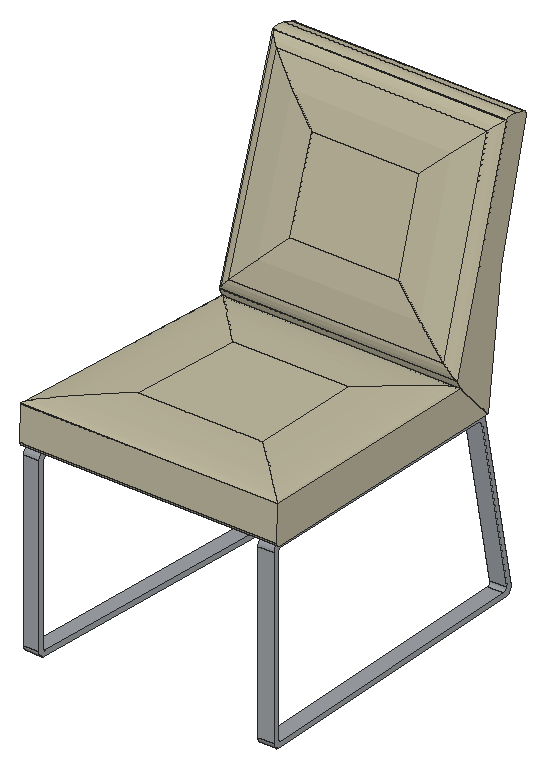
Revit family
Parameters
  URL = "http://www.martinbrattrud.com"
  SCS Certified Product = "Yes"
  Model = "Serif 530-06"
  Manufacturer = "Martin Brattrud, Inc."
  Keynote = "125000"
  Copyright = "© 2013 Martin Brattrud, Inc."
  Chair [instance] = none
  Arms [instance] = none
  Authoring Version = "Revit Architecture 2010"
  Assembly Code = "E2020200"
Reference planes (in)
  plane 1 "Center Front/Back": y = 0
  plane 2: z = 0
  plane 3 "Center Left/Right": x = 0
Forms (in)
  Extrusion 1, solid, material <- "Chair"
    sketch origin (0, 0, 0) x (0, 1, 0) y (0, 0, 1)
      loop
        arc (9.59345, 14.00175) -> (10.87894, 23.82476) -> (13.45421, 33.39096) r 74.6287
        arc (13.45421, 33.39096) -> (13.43946, 33.58415) -> (13.2911, 33.70878) r 0.25
        line (13.2911, 33.70878) -> (12.52483, 33.94647)
        arc (12.52483, 33.94647) -> (12.00329, 34.01183) -> (11.49123, 33.89325) r 1.5
        line (11.49123, 33.89325) -> (6.46242, 17.68152)
        arc (6.46242, 17.68152) -> (6.69486, 17.23463) -> (7.00127, 16.83481) r 2.89411
        line (7.00127, 16.83481) -> (9.59345, 14.00175)
    from -10 to 10
  Extrusion 2, solid, material <- "Chair"
    sketch origin (0, 0, 0) x (0, 1, 0) y (0, 0, 1)
      loop
        line (9.59493, 14.00013) -> (7.00127, 16.83481)
        arc (7.00127, 16.83481) -> (6.86784, 16.96125) -> (6.7178, 17.06746) r 1.29081
        line (6.7178, 17.06746) -> (-12.20488, 17.50498) -> (-12.26845, 14.75571)
        arc (-12.26845, 14.75571) -> (-12.19933, 14.57729) -> (-12.0243, 14.5) r 0.25
        line (-12.0243, 14.5) -> (9.59493, 14.00013)
    from -11 to 11
  Extrusion 3, void
    sketch origin (0, 0, 0) x (1, 0, 0) y (0, 1, 0)
      loop
        line (-9.03734, 15.49981) -> (-12.72484, 15.49981) -> (-12.72484, -14.50019) -> (-10.21511, -14.50019) -> (-9.03734, 15.49981)
    from 11.68736 to 36.07094
  Extrusion 4, void
    sketch origin (0, 0, 0) x (-1, 0, 0) y (0, -1, 0)
      loop
        line (-9.03734, -15.49981) -> (-10.21511, 14.50019) -> (-12.72484, 14.50019) -> (-12.72484, -15.49981) -> (-9.03734, -15.49981)
    from 11.68736 to 36.07094
  Sweep 5, solid, material <- "Chair"
    path in 3D
      loop
        line (-10.125, -12.20488, 17.50498) -> (-9.38211, 6.7178, 17.06746) -> (9.38211, 6.7178, 17.06746) -> (10.125, -12.20488, 17.50498) -> (-10.125, -12.20488, 17.50498)
    profile origin (0, -12.20488, 17.50498) x (0, -0.023115, -0.999733) y (0, -0.999733, 0.023115)
      loop
        line (-0.5, -7.25) -> (0, -7.25) -> (0, -0.01563)
        spline (0, -0.01563) -> (-0.06526, -0.05827) -> (-0.12941, -0.18546) -> (-0.19134, -0.39504) -> (-0.25, -0.6834) -> (-0.30438, -1.04563) -> (-0.35355, -1.47551) -> (-0.39668, -1.9657) -> (-0.43301, -2.50781) -> (-0.46194, -3.09256) -> (-0.48296, -3.70995) -> (-0.49572, -4.34941) -> (-0.5, -5)
        line (-0.5, -5) -> (-0.5, -7.25)
  Extrusion 6, solid, material <- "Chair"
    sketch origin (0, 0.398, 17.21358) x (0, 0.999733, -0.023115) y (-1, 0, 0)
      loop
        line (-0.92851, 2.41108) -> (-5.35625, 2.58487) -> (-5.35625, -2.58487) -> (-0.92851, -2.41108) -> (-0.92851, 2.41108)
    from 0 to 0.5
  Sweep 7, solid, material <- "Chair"
    path in 3D
      loop
        line (-9.19471, 11.49123, 33.89325) -> (-9.39214, 6.46242, 17.68152) -> (9.39214, 6.46242, 17.68152) -> (9.19471, 11.49123, 33.89325) -> (-9.19471, 11.49123, 33.89325)
    profile origin (0, 11.49123, 33.89325) x (0, -0.296269, -0.955105) y (0, -0.955105, 0.296269)
      loop
        arc (0.90486, 0.49377) -> (0.42959, 0.30744) -> (0.02207, 0) r 1.878
        line (0.02207, 0) -> (5.63199, 0) -> (5.63199, 0.98437) -> (5.02019, 0.98437)
        arc (5.02019, 0.98437) -> (2.94795, 0.86129) -> (0.90486, 0.49377) r 17.50554
  Extrusion 8, solid, material <- "Chair"
    sketch origin (0, 0.89188, -0.27666) x (0, -0.296269, -0.955105) y (-1, 0, 0)
      loop
        line (-30.14411, -3.62785) -> (-24.43431, -3.69426) -> (-24.43431, 3.69426) -> (-30.14411, 3.62785) -> (-30.14411, -3.62785)
    from 0 to -0.98438
  Extrusion 9, solid, material <- "Arms"
    sketch origin (-8.53891, 21.82265, 48) x (0.039229, 0.99923, 0) y (0, 0, 1)
      loop
        arc (-12.2569, -34.3876) -> (-12.42621, -34.10432) -> (-12.73514, -33.98823) r 0.5
        line (-12.73514, -33.98823) -> (-33.56527, -33.50661)
        arc (-33.56527, -33.50661) -> (-33.92627, -33.64886) -> (-34.07683, -34.00648) r 0.5
        line (-34.07683, -34.00648) -> (-34.07683, -47.5)
        arc (-34.07683, -47.5) -> (-33.93038, -47.85355) -> (-33.57683, -48) r 0.5
        line (-33.57683, -48) -> (-10.07684, -48)
        arc (-10.07684, -48) -> (-9.68938, -47.81603) -> (-9.58705, -47.3995) r 0.5
        line (-9.58705, -47.3995) -> (-12.2569, -34.3876)
      loop
        arc (-12.60234, -34.56581) -> (-12.68699, -34.42415) -> (-12.84147, -34.36609) r 0.25
        line (-12.84147, -34.36609) -> (-33.44605, -33.88968)
        arc (-33.44605, -33.88968) -> (-33.62655, -33.96081) -> (-33.70183, -34.13962) r 0.25
        line (-33.70183, -34.13962) -> (-33.70183, -47.375)
        arc (-33.70183, -47.375) -> (-33.6286, -47.55178) -> (-33.45183, -47.625) r 0.25
        line (-33.45183, -47.625) -> (-10.23132, -47.625)
        arc (-10.23132, -47.625) -> (-10.0376, -47.53303) -> (-9.98642, -47.32479) r 0.25
        line (-9.98642, -47.32479) -> (-12.60234, -34.56581)
    from 0 to 1.25
  Extrusion 10, solid, material <- "Arms"
    sketch origin (8.53891, 21.82265, 48) x (-0.039229, 0.99923, 0) y (0, 0, -1)
      loop
        line (-12.2569, 34.3876) -> (-9.58705, 47.3995)
        arc (-9.58705, 47.3995) -> (-9.68938, 47.81603) -> (-10.07684, 48) r 0.5
        line (-10.07684, 48) -> (-33.57683, 48)
        arc (-33.57683, 48) -> (-33.93038, 47.85355) -> (-34.07683, 47.5) r 0.5
        line (-34.07683, 47.5) -> (-34.07683, 34.00648)
        arc (-34.07683, 34.00648) -> (-33.92627, 33.64886) -> (-33.56527, 33.50661) r 0.5
        line (-33.56527, 33.50661) -> (-12.73514, 33.98823)
        arc (-12.73514, 33.98823) -> (-12.42621, 34.10432) -> (-12.2569, 34.3876) r 0.5
      loop
        line (-12.60234, 34.56581) -> (-9.98642, 47.32479)
        arc (-9.98642, 47.32479) -> (-10.0376, 47.53303) -> (-10.23132, 47.625) r 0.25
        line (-10.23132, 47.625) -> (-33.45183, 47.625)
        arc (-33.45183, 47.625) -> (-33.6286, 47.55178) -> (-33.70183, 47.375) r 0.25
        line (-33.70183, 47.375) -> (-33.70183, 34.13962)
        arc (-33.70183, 34.13962) -> (-33.62655, 33.96081) -> (-33.44605, 33.88968) r 0.25
        line (-33.44605, 33.88968) -> (-12.84147, 34.36609)
        arc (-12.84147, 34.36609) -> (-12.68699, 34.42415) -> (-12.60234, 34.56581) r 0.25
    from 0 to 1.25
Cuts and joins
  Extrusion 3, Extrusion 4 cuts Extrusion 2
  Extrusion 3, Extrusion 4 cuts Extrusion 1
  joined: Sweep 5, Extrusion 6
  joined: Sweep 7, Extrusion 8
Lines and regions (in)
  sketch lines
    curve 1: line (10.125, -12.20488, 17.50498) -> (-10.125, -12.20488, 17.50498)
    curve 2: line (-9.38211, 6.7178, 17.06746) -> (-10.125, -12.20488, 17.50498)
    curve 3: line (9.38211, 6.7178, 17.06746) -> (-9.38211, 6.7178, 17.06746)
    curve 4: line (10.125, -12.20488, 17.50498) -> (9.38211, 6.7178, 17.06746)
    curve 5: line (9.19471, 11.49123, 33.89325) -> (-9.19471, 11.49123, 33.89325)
    curve 6: line (9.39214, 6.46242, 17.68152) -> (9.19471, 11.49123, 33.89325)
    curve 7: line (9.39214, 6.46242, 17.68152) -> (-9.39214, 6.46242, 17.68152)
    curve 8: line (-9.19471, 11.49123, 33.89325) -> (-9.39214, 6.46242, 17.68152)
Dimensions and locks (in)
  aligned and locked: Extrusion 6 sketch curve to Sweep 5
